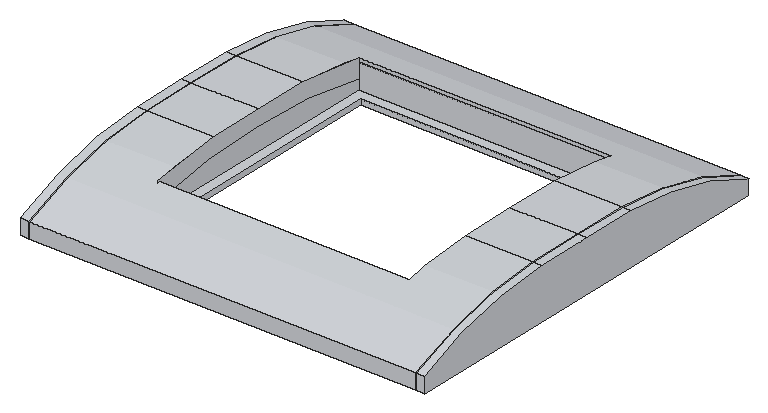
Revit family "Gira_021159", category Electrical Fixtures, host Face, Revit 2017
Family settings
  Host = Face
  Maintain Annotation Orientation = No
  Round Connector Dimension = Use Diameter
  Part Type = Normal
  Cut with Voids When Loaded = No
  Shared = No
  Room Calculation Point = No
Parameters (values of type "Abdeckrahmen 1f Zwischenr. F Alu Gira Event Opak Dklbraun")
  Werkstoffgüte = "Thermoplast"
  Werkstoff = "Kunststoff"
  URL = "http://katalog.gira.de/de_DE/datenblatt.html?artikelnr=021159"
  Transparent = "No"
  Textfeld/Beschriftungsfläche = "No"
  Schutzart (IP) = "IP20"
  Region = "DE"
  Oberfläche = "sonstige"
  Name = "Abdeckrahmen 1f Zwischenr. F Alu Gira Event Opak Dklbraun"
  Montagerichtung = "horizontal und vertikal"
  Mit Montagerahmen = "No"
  Mit Klappdeckel = "No"
  Manufacturer URL = "https://www.gira.de/"
  Keynote = "Event_Rahmen_1fach"
  HeinzeBIM = "https://bimportal.heinze.de/bim/abdeckrahmen-1f-zwischenr-f-alu-gira-event-opak-dklbraun/8907f89bfc170967230c98631cae447dc90ad622"
  Halogenfrei = "Yes"
  HAN = "021159"
  Geeignet für Unterputz-Installation = "Yes"
  Geeignet für Unterflurkanaldose = "No"
  Geeignet für Geräteeinbaukanal = "No"
  Geeignet für Einbauinstallation = "No"
  GTIN = "4010337003427"
  Farbe = "braun"
  Default Elevation = 1219.2 mm
  Data sheet (1) = "https://katalog.gira.de/de_DE/download.html?artikelnr=021159"
  Category = "Abdeckrahmen"
  Befestigungsart = "Klemmbefestigung"
  Available = "Yes"
  Anzahl der Einheiten vertikal = "1 "
  Anzahl der Einheiten horizontal = "1 "
  Anzahl der Einheiten = "1 "
Reference planes
  plane 1 "Center (Front/Back)": y = 0
  plane 2: z = 0
  plane 3 "Center (Left/Right)": x = 0
Forms (mm)
  Extrusion 1, solid, detail levels fine
    sketch origin (0, 0, 1.55) x (0, 1, 0) y (0, 0, 1)
      loop
        arc (12.445, 9.683) -> (6.223, 9.833) -> (0, 9.85) r 291.636
        arc (0, 9.85) -> (-6.223, 9.833) -> (-12.445, 9.683) r 291.636
        arc (-12.445, 9.683) -> (-29.14, 7.482) -> (-45, 1.823) r 79.728
        line (-45, 1.823) -> (-45, -1.55) -> (-41.777, -1.55) -> (-41.777, -0.55)
        arc (-41.777, -0.55) -> (-21.205, 4.846) -> (0, 6.467) r 118.15
        arc (0, 6.467) -> (21.205, 4.846) -> (41.777, -0.55) r 118.15
        line (41.777, -0.55) -> (41.777, -1.55) -> (45, -1.55) -> (45, 1.823)
        arc (45, 1.823) -> (29.14, 7.482) -> (12.445, 9.683) r 79.728
    from -43 to 43
  Extrusion 2, void, detail levels fine
    sketch origin (0, 0, 0) x (1, 0, 0) y (0, 1, 0)
      loop
        line (-28, -28) -> (28, -28) -> (28, 28) -> (-28, 28) -> (-28, -28)
    from 2.85 to 12
  Extrusion 3, solid, detail levels coarse
    sketch origin (0, 0, 0) x (1, 0, 0) y (0, 1, 0)
      loop
        line (-45, 45) -> (-45, -45) -> (45, -45) -> (45, 45) -> (-45, 45)
    from 0 to 11.4
  Extrusion 4, solid, detail levels medium
    sketch origin (0, 0, 1.55) x (0, 1, 0) y (0, 0, 1)
      loop
        arc (12.445, 9.683) -> (6.223, 9.833) -> (0, 9.85) r 291.636
        arc (0, 9.85) -> (-6.223, 9.833) -> (-12.445, 9.683) r 291.636
        arc (-12.445, 9.683) -> (-29.14, 7.482) -> (-45, 1.823) r 79.728
        line (-45, 1.823) -> (-45, -1.55) -> (45, -1.55) -> (45, 1.823)
        arc (45, 1.823) -> (29.14, 7.482) -> (12.445, 9.683) r 79.728
    from -45 to 45
  Extrusion 5, solid, detail levels fine
    sketch origin (0, 0, 0) x (0, 1, 0) y (0, 0, 1)
      loop
        arc (45, 3.373) -> (29.14, 9.032) -> (12.445, 11.233) r 79.728
        arc (12.445, 11.233) -> (6.223, 11.383) -> (0, 11.4) r 291.636
        arc (0, 11.4) -> (-6.223, 11.383) -> (-12.445, 11.233) r 291.636
        arc (-12.445, 11.233) -> (-29.14, 9.032) -> (-45, 3.373) r 79.728
        line (-45, 3.373) -> (-45, 0) -> (45, 0) -> (45, 3.373)
    from 43 to 45
  Extrusion 6, solid, detail levels fine
    sketch origin (0, 0, 0) x (0, 1, 0) y (0, 0, -1)
      loop
        line (45, -3.373) -> (45, 0) -> (-45, 0) -> (-45, -3.373)
        arc (-45, -3.373) -> (-29.14, -9.032) -> (-12.445, -11.233) r 79.728
        arc (-12.445, -11.233) -> (-6.223, -11.383) -> (0, -11.4) r 291.636
        arc (0, -11.4) -> (6.223, -11.383) -> (12.445, -11.233) r 291.636
        arc (12.445, -11.233) -> (29.14, -9.032) -> (45, -3.373) r 79.728
    from 43 to 45
  Extrusion 7, solid, detail levels fine
    sketch origin (0, 0, 0) x (1, 0, 0) y (0, 1, 0)
      loop
        line (-25.7, 25.7) -> (-25.7, -25.7) -> (25.7, -25.7) -> (25.7, 25.7) -> (-25.7, 25.7)
      loop
        line (-29.495, 27.895) -> (-29.495, -27.895)
        spline (-29.495, -27.895) -> (-29.486, -28.025) -> (-29.461, -28.154) -> (-29.419, -28.278) -> (-29.361, -28.395) -> (-29.288, -28.504) -> (-29.202, -28.602) -> (-29.104, -28.688) -> (-28.995, -28.761) -> (-28.878, -28.819) -> (-28.754, -28.861) -> (-28.625, -28.886) -> (-28.495, -28.895)
        line (-28.495, -28.895) -> (28.495, -28.895)
        spline (28.495, -28.895) -> (28.625, -28.886) -> (28.754, -28.861) -> (28.878, -28.819) -> (28.995, -28.761) -> (29.104, -28.688) -> (29.202, -28.602) -> (29.288, -28.504) -> (29.361, -28.395) -> (29.419, -28.278) -> (29.461, -28.154) -> (29.486, -28.025) -> (29.495, -27.895)
        line (29.495, -27.895) -> (29.495, 27.895)
        spline (29.495, 27.895) -> (29.486, 28.025) -> (29.461, 28.154) -> (29.419, 28.278) -> (29.361, 28.395) -> (29.288, 28.504) -> (29.202, 28.602) -> (29.104, 28.688) -> (28.995, 28.761) -> (28.878, 28.819) -> (28.754, 28.861) -> (28.625, 28.886) -> (28.495, 28.895)
        line (28.495, 28.895) -> (-28.495, 28.895)
        spline (-28.495, 28.895) -> (-28.625, 28.886) -> (-28.754, 28.861) -> (-28.878, 28.819) -> (-28.995, 28.761) -> (-29.104, 28.688) -> (-29.202, 28.602) -> (-29.288, 28.504) -> (-29.361, 28.395) -> (-29.419, 28.278) -> (-29.461, 28.154) -> (-29.486, 28.025) -> (-29.495, 27.895)
    from 1.673 to 8.5
Cuts and joins
  Extrusion 2 cuts Extrusion 1
  Extrusion 2 cuts Extrusion 7
Dimensions and locks
  aligned and locked: plane 2 to host face
  aligned and locked: level to host face
